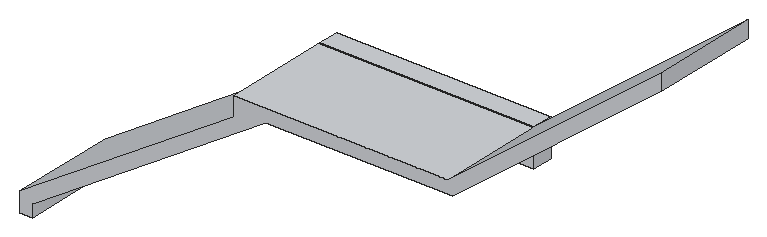
Revit family "BS_ThangBTCT_1 Vế", category Structural Framing, Revit 2019
Family settings
  Structural Framing Length Roundoff = 0 mm
  Section Shape = Not Defined
  Material for Model Behavior = Other
  Always export as geometry = No
  Work Plane-Based = No
  Always vertical = No
  Cut with Voids When Loaded = No
  Symbolic Representation = From Family
  Shared = No
  Show family pre-cut in plan views = Yes
Parameters
  Ẩn Dầm [instance] = yes
  Rong.Thang_R1 [instance] = 1000 mm
  Description = "0914922502"
  Dai.Thang_L3 [instance] = 2000 mm
  Dai.Thang_L2 [instance] = 2000 mm
  Dai.Thang_L1 [instance] = 2000 mm
  BS_Đơn vị tư vấn = "BIM SPEED"
  VatLieu_Thang [instance] = none
  VatLieu_Dam [instance] = none
  Tổng Chiều Cao [instance] = ChieuNghi_H1 + ChieuNghi_H2  # 3100 mm
  Off_ChanThang [instance] = 180 mm
  BS_Người Tạo = "Hoàng Tới"
  Dầm_H [instance] = 350 mm
  Dầm_B [instance] = 200 mm
  ChieuNghi_H2 [instance] = 1600 mm
  ChieuNghi_H1 [instance] = 1500 mm
  BanThang_Dày [instance] = 120 mm
  BacThang_Cao [instance] = 175 mm
  Am [instance] = Dầm_B * (-1)  # -200 mm
Reference planes
  plane 1 "Center (Front/Back)": y = 0
  plane 2: z = 0
  plane 3 "Center (Left/Right)": x = 0
  plane 4 "CN2": z = 3100
  plane 5 "CN1": z = 1500
  plane 6 "LCN1": x = 2000
  plane 7: y = 1000
  plane 8 "LCN2": x = 4000
  plane 9 "LCN3": x = 6000
  plane 10 "CN4": z = 1325
  plane 11 "CN5": z = 1380
  plane 12 "CN8": z = 2980
  plane 13 "CN9": z = 2925
Forms (mm)
  Extrusion 1, solid, material <- "VatLieu_Thang"
    sketch origin (0, 0, 0) x (1, 0, 0) y (0, 0, 1)
      loop
        line (0, 0) -> (0, -180) -> (120, -180) -> (120, -64.445) -> (2300.295, 1380) -> (4042.094, 1380) -> (6000, 2946.325) -> (6000, 3100) -> (4000, 1500) -> (2000, 1500) -> (2000, 1325) -> (0, 0)
    from 0 to -1000
  Extrusion 2, solid, material <- "VatLieu_Dam", visible <- "Ẩn Dầm"
    sketch origin (10952.917, 1000, 1200) x (1, 0, 0) y (0, 0, 1)
      loop
        line (-8952.917, 300) -> (-8952.917, -50) -> (-6952.917, -50) -> (-6952.917, 300) -> (-8952.917, 300)
    from 0 to -200 <- "Am"
Dimensions and locks
  "ChieuNghi_H1": plane 2 to plane 5 "CN1"
  "ChieuNghi_H2": plane 5 "CN1" to plane 4 "CN2"
  "Dai.Thang_L1": plane 3 "Center (Left/Right)" to plane 6 "LCN1"
  "Dai.Thang_L3": plane 8 "LCN2" to plane 9 "LCN3"
  "Rong.Thang_R1": plane 1 "Center (Front/Back)" to plane 7
  "Dai.Thang_L2": plane 6 "LCN1" to plane 8 "LCN2"
  "BanThang_Dày": Extrusion 1 sketch curve to Extrusion 1 sketch curve  (x3)
  "Off_ChanThang": Extrusion 1 sketch curve to level
  "Dầm_H": Extrusion 2 sketch curve to Extrusion 2 sketch curve
  "BacThang_Cao": plane 5 "CN1" to plane 10 "CN4"
  plane 5 "CN1" to plane 11 "CN5" = 120 mm
  aligned and locked: level to plane 2
  aligned and locked: Extrusion 1 sketch curve to plane 3 "Center (Left/Right)"
  aligned and locked: level to Extrusion 1 sketch curve
  aligned and locked: plane 6 "LCN1" to Extrusion 1 sketch curve
  aligned and locked: plane 10 "CN4" to Extrusion 1 sketch curve
  aligned and locked: plane 11 "CN5" to Extrusion 1 sketch curve
  aligned and locked: Extrusion 1 sketch curve to plane 5 "CN1"
  aligned and locked: plane 8 "LCN2" to Extrusion 1 sketch curve
  aligned and locked: Extrusion 1 sketch curve to plane 9 "LCN3"
  aligned and locked: Extrusion 1 sketch curve to plane 4 "CN2"
  aligned and locked: Extrusion 1 to plane 7
  aligned and locked: plane 1 "Center (Front/Back)" to Extrusion 1
  aligned and locked: Extrusion 2 sketch curve to Extrusion 1  (x2)
  aligned and locked: Extrusion 2 sketch curve to plane 8 "LCN2"
